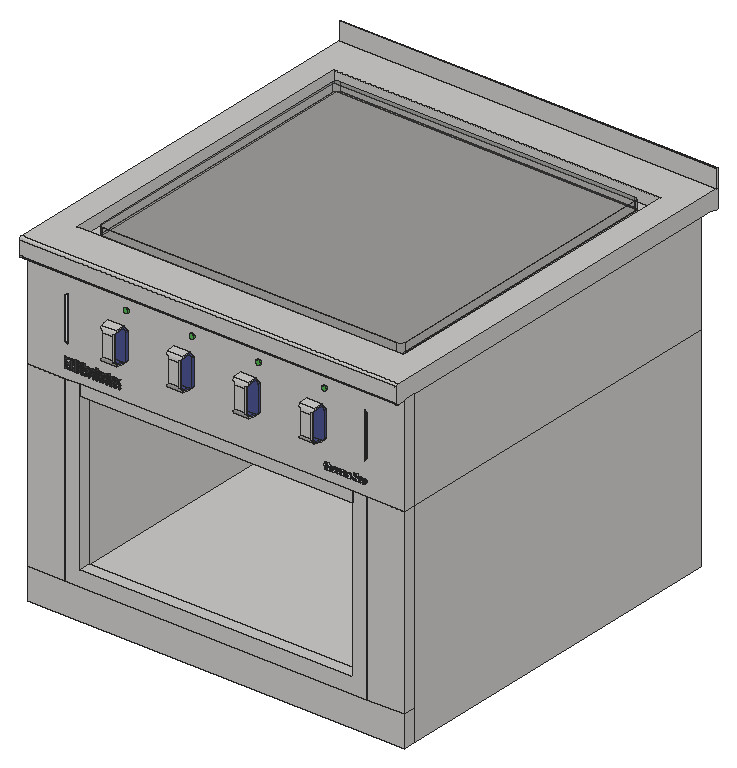
Revit family "QF_ELECTROLUXPROFESSIONAL_588678_MBTFGBHDAO", category Attrezzature speciali, Revit 2020
Family settings
  Quota connettore circolare = Usa diametro
  Tipo di parte = Normale
  Basato su piano di lavoro = No
  Sempre verticale = Sì
  Taglio con vuoti quando caricato = No
  Condiviso = No
  Punto di calcolo locali = No
Parameters (values of type "Standard")
  Weight = 145.00 kg
  Watts = 12000 W
  Volts = 400 V
  URL Manufacturer = "https://www.electroluxprofessional.com/"
  URL = "https://www.electroluxprofessional.com/"
  Steam Supply Size = 0"
  Steam Supply Minimum Pressure = 0.00 psi
  Steam Supply Maximum Pressure = 0.00 psi
  Steam Consumption per Hour = 0
  Refrigeration Suction Line Size = 0 mm
  Refrigeration Liquid Line Size = 0 mm
  Refrigerant Compressor Remote = yes
  Prospetto di default = 0 mm
  Phase = 3
  Modello = "MBTFGBHDAO"
  Produttore = "Electrolux Professional"
  Length Actual = 800 mm  # constant formula
  Item Number = "588678"
  Hot Water Size = 0"
  Height Actual = 700 mm  # constant formula
  HP = "16.1 HP"
  Gas Size = 0"
  Gas KW = 0
  Gas Input Pressure = 0.0 Btu/h
  Direct Waste Size = 0"
  Descrizione = "EL.FREE COOKING UNIT,1S,BS,800X850X700H"
  Depth Actual = 850 mm  # constant formula
  Cycle = 50 Hz
  Condensate Return Size = 0"
  Compressed Air Volume = 0 GPM
  Compressed Air Size = 0"
  Compressed Air Pressure = 0.00 psi
  Cold Water Size = 0"
  Accessory = yes
Reference planes
  plane 1 "BACK": y = 50
  plane 2: z = 0
  plane 3 "LEFT": x = 0
  plane 4 "RIGHT": x = 800
  plane 5 "FRONT": y = -800
  plane 6 "TOP": z = 900
  plane 7 "Center (Left/Right)": x = 400
  plane 8: y = -375
  plane 9: z = 200
  plane 10: y = -150
  plane 11 "Panel": y = -755
  plane 12: z = 798
  plane 13: z = 1327
  plane 14: x = 78
  plane 15: x = 722
  plane 16: y = -100
  plane 17: y = -600
  plane 18 "EIx": x = 755
  plane 19 "EIy": y = -585
Forms (mm)
  Extrusion 1, solid, material "QF_Finishes_Stainless Steel"
    sketch origin (-178.969, -4572, 200) x (-1, 0, 0) y (0, -1, 0)
      loop
        line (-178.969, -4577) -> (-178.969, -3817) -> (-978.969, -3817) -> (-978.969, -4577) -> (-178.969, -4577)
    from 450 to 662.969
  Extrusion 2, solid, material "QF_Finishes_Stainless Steel"
    sketch origin (-588.969, -4562, 200) x (-1, 0, 0) y (0, -1, 0)
      loop
        circle (-1343.969, -3977) r 6.35
    from 0 to -11.851
  Extrusion 3, solid, material "QF_Finishes_Stainless Steel"
    sketch origin (400, 296.4, 1219.2) x (0, 1, 0) y (0, 0, 1)
      loop
        line (-246.4, -319.2) -> (-1091.4, -319.2)
        arc (-1091.4, -319.2) -> (-1094.935, -320.664) -> (-1096.4, -324.2) r 5
        line (-1096.4, -324.2) -> (-1096.4, -355.2)
        arc (-1096.4, -355.2) -> (-1094.971, -358.264) -> (-1091.705, -359.139) r 4
        line (-1091.705, -359.139) -> (-1076.4, -356.231) -> (-266.4, -356.231) -> (-251.094, -359.139)
        arc (-251.094, -359.139) -> (-247.829, -358.264) -> (-246.4, -355.2) r 4
        line (-246.4, -355.2) -> (-246.4, -319.2)
    from -400 to 400
  Extrusion 4, solid, material "QF_Finishes_Electrolux_Black Smoke Iluminated"
    sketch origin (0, 0, 900) x (-1, 0, 0) y (0, -1, 0)
      loop
        arc (-88, 59) -> (-80.929, 61.929) -> (-78, 69) r 10
        line (-78, 69) -> (-78, 680)
        arc (-78, 680) -> (-80.929, 687.071) -> (-88, 690) r 10
        line (-88, 690) -> (-712, 690)
        arc (-712, 690) -> (-719.071, 687.071) -> (-722, 680) r 10
        line (-722, 680) -> (-722, 69)
        arc (-722, 69) -> (-719.071, 61.929) -> (-712, 59) r 10
        line (-712, 59) -> (-88, 59)
    from 0 to -20
  Extrusion 5, void
    sketch origin (0, 0, 900) x (-1, 0, 0) y (0, -1, 0)
      loop
        line (-53, 715) -> (-747, 715) -> (-747, 34) -> (-53, 34) -> (-53, 715)
    from 0 to -25
  Extrusion 6, solid, material "QF_Finishes_Stainless Steel"
    sketch origin (0, 0, 900) x (-1, 0, 0) y (0, -1, 0)
      loop
        line (-82, 63) -> (-82, 686) -> (-718, 686) -> (-718, 63) -> (-82, 63)
    from -20 to -25
  Extrusion 7, solid, material "QF_Finishes_Stainless Steel"
    sketch origin (400, 296.4, 1219.2) x (0, 1, 0) y (0, 0, 1)
      loop
        line (-249.4, -319.2) -> (-246.4, -319.2) -> (-246.4, -281.2) -> (-249.4, -281.2) -> (-249.4, -319.2)
    from -400 to 400
Cuts and joins
  Extrusion 5 cuts Extrusion 3
Lines and regions (mm)
  symbolic lines
    curve 1: line (0, 50, 200) -> (800, 50, 200)
    curve 2: line (0, -800, 200) -> (0, 50, 200)
    curve 3: line (800, -800, 200) -> (0, -800, 200)
    curve 4: line (800, 50, 200) -> (800, -800, 200)
    curve 5: line (712, -59, 200) -> (88, -59, 200)
    curve 6: line (78, -69, 200) -> (78, -680, 200)
    curve 7: line (88, -690, 200) -> (712, -690, 200)
    curve 8: line (722, -680, 200) -> (722, -69, 200)
    curve 9: arc (88, -59, 200) -> (80.929, -61.929, 200) -> (78, -69, 200) r 10
    curve 10: arc (722, -69, 200) -> (719.071, -61.929, 200) -> (712, -59, 200) r 10
    curve 11: arc (712, -690, 200) -> (719.071, -687.071, 200) -> (722, -680, 200) r 10
    curve 12: arc (78, -680, 200) -> (80.929, -687.071, 200) -> (88, -690, 200) r 10
    curve 13: line (747, -34, 900) -> (53, -34, 900)
    curve 14: line (53, -34, 900) -> (53, -715, 900)
    curve 15: line (747, -715, 900) -> (747, -34, 900)
    curve 16: line (53, -715, 900) -> (747, -715, 900)
    curve 17: line (0, 47, 0) -> (800, 47, 0)
Dimensions and locks
  plane 3 "LEFT" to plane 4 "RIGHT" = 800 mm
  plane 5 "FRONT" to plane 1 "BACK" = 850 mm
  equal spacing: plane 3 "LEFT", plane 7 "Center (Left/Right)", plane 4 "RIGHT"
  equal spacing: plane 5 "FRONT", plane 8, plane 1 "BACK"
  plane 6 "TOP" to level = 900 mm  (x2)
  plane 9 to level = 200 mm
  plane 1 "BACK" to plane 10 to plane 11 "Panel" = 200 mm, 605 mm  (x2)
  plane 6 "TOP" to plane 9 to level = 700 mm, 200 mm
  plane 1 "BACK" to plane 5 "FRONT" = 850 mm
  plane 1 "BACK" to Extrusion 2 = 635 mm
  plane 12 to plane 9 = 598 mm
  plane 13 to plane 6 "TOP" = 427 mm
  plane 6 "TOP" to plane 12 = 102 mm
  plane 14 to plane 3 "LEFT" = 78 mm
  plane 15 to plane 4 "RIGHT" = 78 mm
  locked: plane 1 "BACK" to plane 16 at 150
  locked: plane 16 to plane 17 at 500
  plane 11 "Panel" to plane 5 "FRONT" = 45 mm
  plane 18 "EIx" to plane 4 "RIGHT" = 45 mm
  plane 19 "EIy" to plane 1 "BACK" = 635 mm
  aligned and locked: level to plane 2
  aligned and locked: Extrusion 1 to nested 2
Automatic sketch dimensions
  Extrusion 2 sketch curve to plane 18 "EIx" = 0 mm
  Extrusion 2 sketch curve to plane 19 "EIy" = 0 mm
  Extrusion 3 sketch curve to plane 5 "FRONT" = 0 mm
  Extrusion 3 sketch curve to plane 6 "TOP" = 0 mm
  Extrusion 3 sketch curve to plane 1 "BACK" = 0 mm
  Extrusion 3 sketch curve to plane 5 "FRONT" = 4 mm
  Extrusion 3 sketch curve to Extrusion 3 sketch curve = 0.695 mm
  Extrusion 3 sketch curve to plane 5 "FRONT" = 5 mm
  Extrusion 3 sketch curve to Extrusion 3 sketch curve = 15.305 mm
  plane 1 "BACK" to Extrusion 3 sketch curve = 20 mm
  plane 1 "BACK" to Extrusion 3 sketch curve = 4.695 mm
  Extrusion 3 sketch curve to Extrusion 3 sketch curve = 4 mm
  Extrusion 3 sketch curve to Extrusion 3 sketch curve = 31 mm
  Extrusion 3 sketch curve to plane 6 "TOP" = 36 mm
  Extrusion 3 sketch curve to Extrusion 3 sketch curve = 2.909 mm
  Extrusion 4 sketch curve to plane 15 = 0 mm
  Extrusion 4 sketch curve to plane 14 = 0 mm
  plane 15 to Extrusion 4 sketch curve = 10 mm  (x2)
  Extrusion 4 sketch curve to Extrusion 4 sketch curve = 10 mm  (x2)
  plane 10 to Extrusion 4 sketch curve = 91 mm
  plane 17 to Extrusion 4 sketch curve = 80 mm
  plane 18 "EIx" to Extrusion 5 sketch curve = 8 mm
  plane 14 to Extrusion 5 sketch curve = 25 mm
  plane 10 to Extrusion 5 sketch curve = 116 mm
  plane 11 "Panel" to Extrusion 5 sketch curve = 40 mm
  Extrusion 6 sketch curve to plane 14 = 4 mm
  plane 15 to Extrusion 6 sketch curve = 4 mm
  plane 17 to Extrusion 6 sketch curve = 86 mm
  plane 10 to Extrusion 6 sketch curve = 87 mm
  plane 18 "EIx" to curve 13 = 8 mm
  plane 14 to curve 14 = 25 mm
  plane 10 to curve 13 = 116 mm
  plane 11 "Panel" to curve 16 = 40 mm
  Extrusion 7 sketch curve to plane 6 "TOP" = 0 mm
  Extrusion 7 sketch curve to plane 1 "BACK" = 0 mm
  Extrusion 7 sketch curve to Extrusion 7 sketch curve = 3 mm
  Extrusion 7 sketch curve to Extrusion 7 sketch curve = 38 mm
  Extrusion 1 sketch curve to plane 4 "RIGHT" = 0 mm
  Extrusion 1 sketch curve to plane 3 "LEFT" = 0 mm
  Extrusion 1 sketch curve to plane 11 "Panel" = 0 mm
  plane 1 "BACK" to Extrusion 1 sketch curve = 45 mm
  plane 1 "BACK" to curve 1 = 0 mm
  curve 1 to plane 4 "RIGHT" = 0 mm
  curve 8 to plane 15 = 0 mm
  curve 6 to plane 14 = 0 mm
  curve 2 to plane 3 "LEFT" = 0 mm
  plane 5 "FRONT" to curve 3 = 0 mm
  plane 15 to curve 5 = 10 mm
  curve 11 to curve 11 = 10 mm
  curve 5 to plane 14 = 10 mm
  curve 12 to curve 6 = 10 mm
  plane 10 to curve 5 = 91 mm
  plane 17 to curve 11 = 80 mm
  radius of Extrusion 2 sketch curve = 6.35 mm
Nested families
  nested 1: "Front_Panel_W800_4 Knobs_Spie" at (202.376, -755, 0), type "Front_Panel_W800_4 Knobs_Spie"
  nested 2: "QF_ELECTROLUXPROFESSIONAL_588643_MB1NCAHOOO" at (0, 50, 0), type "QF_ELECTROLUXPROFESSIONAL_588643_MB1NCAHOOO"
    with Type Mark "", Specification by User "", Revision Code "", Item Number "", Installed By "", Identify Quantity as Lot yes, Furnished By "", Foodservice Equipment Identifier yes
Connectors
  electrical at (755, -585, 188.149)
    settings: on Extrusion 2, index 1, voltage 400 V, apparent load 33000 VA, apparent load phase1 0 VA, apparent load phase2 0 VA, apparent load phase3 0 VA, power factor 1, load classification "Other", number of poles 1, system type 30, power factor state 1, is connector primary yes, connector utility no, sub classification motor no, connector description "ELECTRICAL CONNECTION"
Definition of nested family "Front_Panel_W800_4 Knobs_Spie"
  Parameters
    Default Elevation = 0 mm
  Reference planes
    plane 1 "Center (Front/Back)": y = 0
    plane 2: z = 0
    plane 3 "Center (Left/Right)": x = 197.624
    plane 4 "Left": x = -202.376
    plane 5 "Right": x = 597.624
    plane 6: y = -45
    plane 7: x = -12.376
    plane 8: x = 127.624
    plane 9 "Panel": y = -25
    plane 10: x = 517.624
    plane 11: x = -122.376
  Forms (mm)
    Extrusion 1, solid
      sketch origin (833.217, 829.203, -1.25) x (0, 1, 0) y (0, 0, 1)
        loop
          line (-854.203, 651.25) -> (-829.203, 651.25) -> (-829.203, 864.25) -> (-854.203, 864.25) -> (-854.203, 651.25)
      from -1035.593 to -235.593
    Extrusion 2, void
      sketch origin (0, -25, -10) x (0, 0, 1) y (-1, 0, 0)
        loop
          line (731.866, 122.376) -> (726.866, 117.376) -> (823.866, 117.376) -> (818.866, 122.376) -> (731.866, 122.376)
        loop
          line (731.866, -517.624) -> (818.866, -517.624) -> (823.866, -512.624) -> (726.866, -512.624) -> (731.866, -517.624)
      from 0 to -2
    Extrusion 3, solid
      sketch origin (20, -25, 1.163) x (0, 0, 1) y (-1, 0, 0)
        loop
          circle (824.337, 12.376) r 5
      from 0 to 1.7
    Extrusion 4, solid
      sketch origin (160, -25, 1.163) x (0, 0, 1) y (-1, 0, 0)
        loop
          circle (824.337, 12.376) r 5
      from 0 to 1.7
    Extrusion 5, solid
      sketch origin (300.724, -25, 1.163) x (0, 0, 1) y (-1, 0, 0)
        loop
          circle (824.337, 12.376) r 5
      from 0 to 1.7
    Extrusion 6, solid
      sketch origin (440.724, -25, 1.163) x (0, 0, 1) y (-1, 0, 0)
        loop
          circle (824.337, 12.376) r 5
      from 0 to 1.7
    Extrusion 7, solid
      sketch origin (0, -25, -10) x (0, 0, 1) y (-1, 0, 0)
        loop
          line (731.866, 122.376) -> (726.866, 117.376) -> (823.866, 117.376) -> (818.866, 122.376) -> (731.866, 122.376)
        loop
          line (726.866, -512.624) -> (731.866, -517.624) -> (818.866, -517.624) -> (823.866, -512.624) -> (726.866, -512.624)
      from 0 to -2
  Cuts and joins
    Extrusion 2 cuts Extrusion 1
  Dimensions and locks
    equal spacing: plane 5 "Right", plane 3 "Center (Left/Right)", plane 4 "Left"
    plane 5 "Right" to plane 4 "Left" = 800 mm
    plane 3 "Center (Left/Right)" to plane 7 = 210 mm
    plane 3 "Center (Left/Right)" to plane 8 = 70 mm
    aligned and locked: cut or joined group of Extrusion 1, Extrusion 2 to plane 4 "Left"
    aligned and locked: plane 5 "Right" to cut or joined group of Extrusion 1, Extrusion 2
  Automatic sketch dimensions
    Extrusion 1 sketch curve to plane 9 "Panel" = 0 mm
    Extrusion 1 sketch curve to plane 1 "Center (Front/Back)" = 0 mm
    Extrusion 2 sketch curve to plane 11 = 0 mm
    Extrusion 2 sketch curve to plane 10 = 0 mm
    Extrusion 2 sketch curve to plane 10 = 5 mm
    plane 11 to Extrusion 2 sketch curve = 5 mm
    Extrusion 2 sketch curve to Extrusion 2 sketch curve = 5 mm  (x4)
    plane 7 to Extrusion 3 sketch curve = 20 mm
    plane 8 to Extrusion 4 sketch curve = 20 mm
    plane 3 "Center (Left/Right)" to Extrusion 5 sketch curve = 90.724 mm
    Extrusion 6 sketch curve to plane 10 = 89.276 mm
    Extrusion 7 sketch curve to plane 11 = 0 mm
    Extrusion 7 sketch curve to plane 10 = 0 mm
    plane 11 to Extrusion 7 sketch curve = 5 mm
    Extrusion 7 sketch curve to Extrusion 7 sketch curve = 5 mm  (x4)
    Extrusion 7 sketch curve to plane 10 = 5 mm
    level to Extrusion 1 sketch curve = 650 mm
    Extrusion 1 sketch curve to Extrusion 1 sketch curve = 213 mm
    level to Extrusion 2 sketch curve = 716.866 mm
    Extrusion 2 sketch curve to Extrusion 2 sketch curve = 0 mm
    Extrusion 2 sketch curve to Extrusion 2 sketch curve = 87 mm  (x2)
    level to Extrusion 3 sketch curve = 825.5 mm
    level to Extrusion 4 sketch curve = 825.5 mm
    level to Extrusion 5 sketch curve = 825.5 mm
    level to Extrusion 6 sketch curve = 825.5 mm
    level to Extrusion 7 sketch curve = 716.866 mm
    Extrusion 7 sketch curve to Extrusion 7 sketch curve = 0 mm
    Extrusion 7 sketch curve to Extrusion 7 sketch curve = 87 mm  (x2)
    radius of Extrusion 3 sketch curve = 5 mm
    radius of Extrusion 4 sketch curve = 5 mm
    radius of Extrusion 5 sketch curve = 5 mm
    radius of Extrusion 6 sketch curve = 5 mm
  Nested families
    nested 1: "Range Control Handle" at (-12.376, -28.137, -209.113) x (-1, 0, 0) z (0, 0, 1), type "Range Control Handle"
    nested 2: "Range Control Handle" at (127.624, -28.137, -209.113) x (-1, 0, 0) z (0, 0, 1), type "Range Control Handle"
    nested 3: "Range Control Handle" at (407.624, -28.137, -209.113), type "Range Control Handle"
    nested 4: "Range Control Handle" at (267.624, -28.137, -209.113), type "Range Control Handle"
    nested 5: "ELX_ThermaLine_Small" at (468.838, -25, 679.426) x (1, 0, 0) z (0, -1, 0), type "ELX_ThermaLine_Small"
      with Show Logo yes, Material_Logo none
    nested 6: "ELX_Professional_Logo_Small" at (-62.89, -25, 681.659) x (1, 0, 0) z (0, -1, 0), type "ELX_Professional_Logo_Small"
      with Show Logo yes, Material_Logo none
  Definition of nested family "Range Control Handle"
    Parameters
      Default Elevation = 0 mm
    Reference planes
      plane 1 "Center (Front/Back)": y = 0
      plane 2: z = 0
      plane 3 "Center (Left/Right)": x = 0
      plane 4: z = 971.092
      plane 5: y = -16.9
    Forms (mm)
      Extrusion 1, solid
        sketch origin (-746.28, 380.497, 208.931) x (-1, 0, 0) y (0, 0, 1)
          loop
            line (-770.101, 786.798) -> (-770.101, 731.649)
            arc (-770.101, 731.649) -> (-769.759, 730.563) -> (-768.855, 729.87) r 1.893
            line (-768.855, 729.87) -> (-763.474, 727.911) -> (-729.81, 727.911) -> (-724.428, 729.87)
            arc (-724.428, 729.87) -> (-723.525, 730.563) -> (-723.183, 731.649) r 1.893
            line (-723.183, 731.649) -> (-723.183, 786.798)
            arc (-723.183, 786.798) -> (-723.529, 787.894) -> (-724.44, 788.593) r 1.91
            line (-724.44, 788.593) -> (-729.683, 790.819) -> (-763.601, 790.819) -> (-768.844, 788.593)
            arc (-768.844, 788.593) -> (-769.755, 787.894) -> (-770.101, 786.798) r 1.91
        from -382.35 to -378.852
      Sweep 2, solid
        path origin (-746.788, 380.496, 208.091) x (0, -1, 0) y (0, 0, 1)
          loop
            line (379.775, 793.281) -> (395.661, 791.048)
            arc (395.661, 791.048) -> (397.781, 787.377) -> (398.517, 783.202) r 12.207
            line (398.517, 783.202) -> (398.517, 737.368)
            arc (398.517, 737.368) -> (397.781, 733.193) -> (395.661, 729.522) r 12.207
            line (395.661, 729.522) -> (379.775, 727.289)
        profile origin (-746.788, -7.222, 1000.256) x (0, -0.139173, 0.990268) y (-1, 0, 0)
          loop
            line (0.782, -763.123) -> (0.782, -730.907) -> (-1.322, -730.907) -> (-1.322, -763.123) -> (0.782, -763.123)
      Sweep 3, solid
        path origin (-746.788, 380.715, 207.832) x (0, -1, 0) y (0, 0, 1)
          loop
            line (380.478, 795.442) -> (397.218, 793.09)
            arc (397.218, 793.09) -> (399.929, 788.473) -> (400.871, 783.202) r 15.207
            line (400.871, 783.202) -> (400.871, 737.584)
            arc (400.871, 737.584) -> (399.914, 732.274) -> (397.164, 727.633) r 15.207
            line (397.164, 727.633) -> (380.601, 725.305)
        profile origin (-746.788, -8.132, 1002.099) x (0, -0.139173, 0.990268) y (-1, 0, 0)
          loop
            line (0.782, -763.123) -> (0.782, -730.907) -> (-1.322, -730.907) -> (-1.322, -763.123) -> (0.782, -763.123)
      Extrusion 4, void
        sketch origin (889.253, 220.666, 207.993) x (1, 0, 0) y (0, 0, 1)
          loop
            line (-943.038, 816.854) -> (-943.038, 703.686) -> (-899.466, 734.196) -> (-899.466, 786.344) -> (-943.038, 816.854)
        from 230.636 to 242.25
      Extrusion 5, void
        sketch origin (-888.8, 220.666, 207.993) x (-1, 0, 0) y (0, 0, -1)
          loop
            line (-943.038, -816.854) -> (-899.466, -786.344) -> (-899.466, -734.196) -> (-943.038, -703.686) -> (-943.038, -816.854)
        from 230.636 to 242.25
      Extrusion 6, solid
        sketch origin (0, 0, 0) x (1, 0, 0) y (0, 0, 1)
          loop
            circle (0, 971.092) r 7.736
        from -3.137 to -1.645
    Cuts and joins
      Extrusion 4, Extrusion 5 cuts Sweep 3
      Extrusion 4, Extrusion 5 cuts Sweep 2
      joined: Extrusion 1, Extrusion 6
    Lines and regions (mm)
      symbolic lines
        curve 1: line (16.334, -16.9, 0) -> (16.334, -19.227, 0)
        curve 2: spline (16.334, -19.227, 0) -> (15.87, -19.385, 0) -> (15.404, -19.536, 0) -> (14.936, -19.678, 0) -> (14.466, -19.813, 0) -> (13.995, -19.94, 0) -> (13.523, -20.059, 0) -> (13.049, -20.171, 0) -> (12.575, -20.274, 0) -> (12.099, -20.37, 0) -> (11.622, -20.458, 0) -> (11.144, -20.537, 0) -> (10.666, -20.609, 0)
        curve 3: line (10.666, -16.9, 0) -> (10.666, -20.938, 0)
        curve 4: line (-10.213, -20.938, 0) -> (10.666, -20.938, 0)
        curve 5: line (-10.213, -20.938, 0) -> (-10.213, -16.9, 0)
        curve 6: spline (-10.213, -20.609, 0) -> (-10.691, -20.537, 0) -> (-11.169, -20.458, 0) -> (-11.646, -20.37, 0) -> (-12.122, -20.274, 0) -> (-12.597, -20.171, 0) -> (-13.07, -20.059, 0) -> (-13.542, -19.94, 0) -> (-14.013, -19.813, 0) -> (-14.483, -19.678, 0) -> (-14.951, -19.536, 0) -> (-15.417, -19.385, 0) -> (-15.881, -19.227, 0)
        curve 7: line (-15.881, -19.227, 0) -> (-15.881, -16.9, 0)
  Definition of nested family "ELX_ThermaLine_Small"
    Parameters
      Show Logo [instance] = yes
      Material_Logo [instance] = none
      Default Elevation = 0 mm
    Reference planes
      plane 1 "Centro (Fronte/Retro)": y = 0
      plane 2: z = 0
      plane 3 "Centro (Sinistra/Destra)": x = 0
    Forms (mm)
      Extrusion 1, solid
        sketch origin (0, 0, 0) x (1, 0, 0) y (0, 1, 0)
          loop
            line (-1219.2, 1219.2) -> (-1219.2, -1219.2) -> (1219.2, -1219.2) -> (1219.2, 1219.2) -> (-1219.2, 1219.2)
        from 0 to -304.8
      Extrusion 2, solid
        sketch origin (0, 0, 0) x (1, 0, 0) y (0, 1, 0)
          loop
            line (-37.494, 1.229) -> (-35.908, 1.229) -> (-35.908, 3.066) -> (-37.494, 3.066) -> (-37.494, 6.221) -> (-39.867, 4.881) -> (-39.867, 3.066) -> (-40.969, 3.066) -> (-40.969, 1.229) -> (-39.867, 1.229) -> (-39.867, -3.407)
            arc (-39.867, -3.407) -> (-38.982, -5.513) -> (-36.751, -6.001) r 2.478
            line (-36.751, -6.001) -> (-35.638, -5.7) -> (-35.9, -3.835) -> (-36.661, -4.039)
            arc (-36.661, -4.039) -> (-37.236, -3.924) -> (-37.494, -3.399) r 0.662
            line (-37.494, -3.399) -> (-37.494, 1.229)
          loop
            line (-34.242, 6.539) -> (-34.242, -5.848) -> (-31.854, -5.848) -> (-31.854, -0.078)
            arc (-31.854, -0.078) -> (-30.939, 1.249) -> (-29.33, 1.367) r 1.866
            arc (-29.33, 1.367) -> (-28.695, 0.768) -> (-28.461, -0.073) r 1.627
            line (-28.461, -0.073) -> (-28.461, -5.848) -> (-26.086, -5.848) -> (-26.064, -0.46)
            arc (-26.064, -0.46) -> (-26.261, 0.932) -> (-26.786, 2.237) r 5.825
            arc (-26.786, 2.237) -> (-29.381, 3.264) -> (-31.854, 1.971) r 3.353
            line (-31.854, 1.971) -> (-31.854, 6.539) -> (-34.242, 6.539)
          loop
            arc (-18.398, -0.598) -> (-18.893, 0.879) -> (-20.326, 1.487) r 1.897
            arc (-20.326, 1.487) -> (-21.461, 0.708) -> (-21.897, -0.598) r 2.164
            line (-21.897, -0.598) -> (-18.398, -0.598)
          loop
            arc (-16.021, -2.044) -> (-16.754, 1.227) -> (-19.444, 3.226) r 4.814
            arc (-19.444, 3.226) -> (-22.137, 2.788) -> (-23.943, 0.743) r 4.054
            arc (-23.943, 0.743) -> (-24.382, -1.249) -> (-24.162, -3.276) r 6.289
            arc (-24.162, -3.276) -> (-23.302, -4.71) -> (-21.958, -5.705) r 4.28
            arc (-21.958, -5.705) -> (-18.558, -5.814) -> (-16.152, -3.409) r 4.28
            line (-16.152, -3.409) -> (-18.5, -2.995)
            arc (-18.5, -2.995) -> (-19.273, -3.994) -> (-20.533, -4.076) r 1.536
            arc (-20.533, -4.076) -> (-21.56, -3.281) -> (-21.958, -2.044) r 2.197
            line (-21.958, -2.044) -> (-16.021, -2.044)
          loop
            line (-14.165, -5.848) -> (-11.819, -5.848) -> (-11.819, -2.138)
            arc (-11.819, -2.138) -> (-11.787, -1.156) -> (-11.637, -0.185) r 8.18
            arc (-11.637, -0.185) -> (-10.644, 0.972) -> (-9.132, 0.776) r 1.603
            line (-9.132, 0.776) -> (-8.419, 2.846)
            arc (-8.419, 2.846) -> (-10.432, 3.118) -> (-11.994, 1.821) r 2.527
            line (-11.994, 1.821) -> (-11.994, 3.094) -> (-14.165, 3.094) -> (-14.165, -5.848)
          loop
            line (-7.579, 3.094) -> (-7.579, -5.848) -> (-5.178, -5.848) -> (-5.178, -0.756)
            arc (-5.178, -0.756) -> (-4.727, 0.679) -> (-3.417, 1.419) r 2.05
            arc (-3.417, 1.419) -> (-2.499, 0.908) -> (-2.155, -0.085) r 1.471
            line (-2.155, -0.085) -> (-2.155, -5.848) -> (0.23, -5.848) -> (0.23, -1.001)
            arc (0.23, -1.001) -> (0.47, 0.127) -> (1.148, 1.061) r 2.775
            arc (1.148, 1.061) -> (2.225, 1.329) -> (3.05, 0.587) r 1.182
            arc (3.05, 0.587) -> (3.199, -0.019) -> (3.214, -0.642) r 2.894
            line (3.214, -0.642) -> (3.214, -5.848) -> (5.601, -5.848) -> (5.601, 0.261)
            arc (5.601, 0.261) -> (4.87, 2.263) -> (2.976, 3.241) r 2.932
            arc (2.976, 3.241) -> (1.284, 2.973) -> (-0.047, 1.896) r 3.309
            arc (-0.047, 1.896) -> (-1.116, 2.865) -> (-2.506, 3.258) r 3.16
            arc (-2.506, 3.258) -> (-4.105, 2.942) -> (-5.376, 1.92) r 3.419
            line (-5.376, 1.92) -> (-5.376, 3.094) -> (-7.579, 3.094)
          loop
            line (7.583, 0.738) -> (9.702, 0.364)
            arc (9.702, 0.364) -> (11.441, 1.492) -> (12.855, -0.023) r 1.613
            line (12.855, -0.023) -> (9.782, -0.789)
            arc (9.782, -0.789) -> (8.559, -1.346) -> (7.617, -2.305) r 3.687
            arc (7.617, -2.305) -> (7.499, -3.681) -> (7.901, -5.003) r 3.651
            arc (7.901, -5.003) -> (9.107, -5.766) -> (10.515, -6.006) r 3.635
            arc (10.515, -6.006) -> (11.898, -5.697) -> (13.067, -4.895) r 3.734
            line (13.067, -4.895) -> (13.376, -5.848) -> (15.75, -5.848) -> (15.212, -4.193) -> (15.212, 0.38)
            arc (15.212, 0.38) -> (14.897, 1.849) -> (13.818, 2.895) r 2.585
            arc (13.818, 2.895) -> (11.792, 3.442) -> (9.719, 3.11) r 5.005
            arc (9.719, 3.11) -> (8.369, 2.178) -> (7.583, 0.738) r 3.54
          loop
            line (19.723, -5.848) -> (22.233, -5.848) -> (24.854, 6.484) -> (22.345, 6.484) -> (19.723, -5.848)
          loop
            line (24.583, -5.848) -> (26.953, -5.848) -> (28.848, 3.066) -> (26.478, 3.066) -> (24.583, -5.848)
          loop
            line (27.204, 6.484) -> (26.741, 4.305) -> (29.111, 4.305) -> (29.575, 6.484) -> (27.204, 6.484)
          loop
            line (29.355, -5.848) -> (31.849, -5.848) -> (33.098, 0.028)
            arc (33.098, 0.028) -> (34.169, 1.306) -> (35.832, 1.422) r 2.132
            arc (35.832, 1.422) -> (36.324, 0.752) -> (36.383, -0.078) r 1.5
            line (36.383, -0.078) -> (35.157, -5.848) -> (37.536, -5.848) -> (38.936, 0.738)
            arc (38.936, 0.738) -> (38.775, 2.091) -> (37.825, 3.066) r 2.118
            arc (37.825, 3.066) -> (35.392, 3.175) -> (33.295, 1.937) r 4.271
            line (33.295, 1.937) -> (33.535, 3.066) -> (31.25, 3.066) -> (29.355, -5.848)
          loop
            line (42.792, -0.64) -> (46.589, -0.64)
            arc (46.589, -0.64) -> (46.639, 0.124) -> (46.327, 0.823) r 1.589
            arc (46.327, 0.823) -> (45.117, 1.521) -> (43.762, 1.183) r 1.865
            arc (43.762, 1.183) -> (43.141, 0.344) -> (42.792, -0.64) r 3.538
          loop
            line (42.565, -2.138) -> (48.593, -2.138)
            arc (48.593, -2.138) -> (48.58, 0.597) -> (46.983, 2.818) r 4.494
            arc (46.983, 2.818) -> (44.191, 3.28) -> (41.725, 1.891) r 4.26
            arc (41.725, 1.891) -> (40.503, -0.3) -> (40.284, -2.799) r 6.003
            arc (40.284, -2.799) -> (40.959, -4.468) -> (42.377, -5.576) r 3.482
            arc (42.377, -5.576) -> (44.265, -5.961) -> (46.152, -5.576) r 4.823
            arc (46.152, -5.576) -> (47.432, -4.731) -> (48.328, -3.485) r 4.245
            line (48.328, -3.485) -> (46.168, -3.105)
            arc (46.168, -3.105) -> (45.214, -4.072) -> (43.859, -4.181) r 1.953
            arc (43.859, -4.181) -> (42.821, -3.408) -> (42.565, -2.138) r 1.81
          loop
            line (12.868, -1.553) -> (10.216, -2.214)
            arc (10.216, -2.214) -> (9.747, -3.136) -> (10.216, -4.058) r 1.14
            arc (10.216, -4.058) -> (11.537, -4.249) -> (12.614, -3.46) r 1.763
            arc (12.614, -3.46) -> (12.858, -2.522) -> (12.868, -1.553) r 3.97
        from 0 to 1.6
    Dimensions and locks
      aligned and locked: plane 2 to Extrusion 1
      aligned and locked: level to Extrusion 1
  Definition of nested family "ELX_Professional_Logo_Small"
    Parameters
      Show Logo [instance] = yes
      Material_Logo [instance] = none
      Default Elevation = 0 mm
    Reference planes
      plane 1 "Centro (Fronte/Retro)": y = 0
      plane 2: z = 0
      plane 3 "Centro (Sinistra/Destra)": x = 0
    Forms (mm)
      Extrusion 1, solid
        sketch origin (0, 0, 0) x (1, 0, 0) y (0, 1, 0)
          loop
            line (-1219.2, 1219.2) -> (-1219.2, -1219.2) -> (1219.2, -1219.2) -> (1219.2, 1219.2) -> (-1219.2, 1219.2)
        from 0 to -304.8
      Extrusion 2, solid, material <- "Material_Logo"
        sketch origin (15.5, 0, 0) x (1, 0, 0) y (0, 1, 0)
          loop
            spline (-42.99, -1.24) -> (-43.195, -1.231) -> (-43.415, -1.203) -> (-43.642, -1.152) -> (-43.87, -1.074) -> (-44.095, -0.966) -> (-44.309, -0.825) -> (-44.506, -0.647) -> (-44.681, -0.429) -> (-44.828, -0.167) -> (-44.94, 0.142) -> (-45.011, 0.501) -> (-45.037, 0.915)
            line (-45.037, 0.915) -> (-45.037, 2.748) -> (-38.984, 2.748) -> (-38.984, 5.086) -> (-45.038, 5.086) -> (-45.038, 8.489) -> (-38.599, 8.489) -> (-38.599, 10.82) -> (-47.515, 10.82) -> (-47.515, 1.021)
            spline (-47.515, 1.021) -> (-47.493, 0.418) -> (-47.425, -0.15) -> (-47.311, -0.682) -> (-47.15, -1.175) -> (-46.939, -1.628) -> (-46.678, -2.038) -> (-46.365, -2.404) -> (-46, -2.723) -> (-45.58, -2.995) -> (-45.105, -3.216) -> (-44.573, -3.385) -> (-43.983, -3.499)
            line (-43.983, -3.499) -> (-43.01, -3.569) -> (-38.426, -3.569) -> (-38.426, -1.24) -> (-42.99, -1.24)
          loop
            line (-36.666, 4.021) -> (-36.666, -3.573) -> (-34.188, -3.573) -> (-34.188, 10.824) -> (-36.666, 10.824) -> (-36.666, 4.021)
          loop
            spline (-21.915, 1.897) -> (-21.957, 2.615) -> (-22.082, 3.303) -> (-22.285, 3.955) -> (-22.563, 4.564) -> (-22.913, 5.124) -> (-23.331, 5.629) -> (-23.814, 6.074) -> (-24.359, 6.451) -> (-24.961, 6.755) -> (-25.618, 6.98) -> (-26.326, 7.119) -> (-27.081, 7.167)
            spline (-27.081, 7.167) -> (-27.853, 7.122) -> (-28.586, 6.99) -> (-29.275, 6.774) -> (-29.915, 6.478) -> (-30.5, 6.104) -> (-31.024, 5.657) -> (-31.483, 5.138) -> (-31.871, 4.553) -> (-32.182, 3.904) -> (-32.411, 3.194) -> (-32.552, 2.427) -> (-32.6, 1.606)
            spline (-32.6, 1.606) -> (-32.553, 0.805) -> (-32.416, 0.057) -> (-32.193, -0.637) -> (-31.887, -1.271) -> (-31.504, -1.843) -> (-31.048, -2.35) -> (-30.523, -2.788) -> (-29.934, -3.154) -> (-29.284, -3.444) -> (-28.579, -3.656) -> (-27.822, -3.785) -> (-27.019, -3.829)
            spline (-27.019, -3.829) -> (-26.627, -3.82) -> (-26.239, -3.79) -> (-25.856, -3.739) -> (-25.477, -3.663) -> (-25.103, -3.562) -> (-24.734, -3.432) -> (-24.369, -3.273) -> (-24.01, -3.082) -> (-23.655, -2.858) -> (-23.305, -2.597) -> (-22.96, -2.299) -> (-22.621, -1.962)
            line (-22.621, -1.962) -> (-24.114, -0.509)
            spline (-24.114, -0.509) -> (-24.311, -0.699) -> (-24.509, -0.872) -> (-24.71, -1.03) -> (-24.915, -1.172) -> (-25.126, -1.297) -> (-25.346, -1.407) -> (-25.576, -1.5) -> (-25.817, -1.576) -> (-26.072, -1.636) -> (-26.342, -1.678) -> (-26.629, -1.704) -> (-26.936, -1.713)
            spline (-26.936, -1.713) -> (-27.384, -1.691) -> (-27.805, -1.625) -> (-28.196, -1.518) -> (-28.556, -1.372) -> (-28.882, -1.187) -> (-29.174, -0.966) -> (-29.429, -0.71) -> (-29.645, -0.422) -> (-29.821, -0.102) -> (-29.955, 0.247) -> (-30.045, 0.623) -> (-30.089, 1.026)
            line (-30.089, 1.026) -> (-21.956, 1.026) -> (-21.915, 1.897)
          loop
            spline (-24.446, 2.769) -> (-24.47, 3.075) -> (-24.54, 3.37) -> (-24.654, 3.65) -> (-24.807, 3.913) -> (-24.996, 4.156) -> (-25.219, 4.376) -> (-25.472, 4.57) -> (-25.753, 4.736) -> (-26.057, 4.869) -> (-26.382, 4.968) -> (-26.724, 5.03) -> (-27.081, 5.051)
            spline (-27.081, 5.051) -> (-27.464, 5.03) -> (-27.832, 4.97) -> (-28.183, 4.872) -> (-28.513, 4.74) -> (-28.819, 4.577) -> (-29.099, 4.384) -> (-29.347, 4.165) -> (-29.563, 3.923) -> (-29.742, 3.659) -> (-29.881, 3.377) -> (-29.977, 3.079) -> (-30.027, 2.769)
            line (-30.027, 2.769) -> (-24.446, 2.769)
          loop
            spline (-18.167, 1.669) -> (-18.138, 2.13) -> (-18.055, 2.567) -> (-17.921, 2.978) -> (-17.739, 3.358) -> (-17.512, 3.705) -> (-17.243, 4.016) -> (-16.937, 4.287) -> (-16.596, 4.517) -> (-16.223, 4.7) -> (-15.823, 4.835) -> (-15.398, 4.919) -> (-14.951, 4.947)
            spline (-14.951, 4.947) -> (-14.677, 4.938) -> (-14.414, 4.913) -> (-14.162, 4.871) -> (-13.921, 4.812) -> (-13.69, 4.738) -> (-13.467, 4.649) -> (-13.254, 4.544) -> (-13.048, 4.424) -> (-12.85, 4.291) -> (-12.659, 4.143) -> (-12.474, 3.981) -> (-12.295, 3.806)
            line (-12.295, 3.806) -> (-10.76, 5.403)
            spline (-10.76, 5.403) -> (-11.065, 5.709) -> (-11.38, 5.984) -> (-11.703, 6.228) -> (-12.035, 6.443) -> (-12.375, 6.63) -> (-12.723, 6.788) -> (-13.078, 6.92) -> (-13.44, 7.026) -> (-13.809, 7.107) -> (-14.184, 7.164) -> (-14.564, 7.198) -> (-14.951, 7.209)
            spline (-14.951, 7.209) -> (-15.725, 7.161) -> (-16.467, 7.02) -> (-17.169, 6.792) -> (-17.826, 6.482) -> (-18.43, 6.096) -> (-18.976, 5.637) -> (-19.455, 5.112) -> (-19.862, 4.525) -> (-20.19, 3.882) -> (-20.433, 3.189) -> (-20.584, 2.449) -> (-20.635, 1.669)
            spline (-20.635, 1.669) -> (-20.584, 0.889) -> (-20.433, 0.149) -> (-20.19, -0.545) -> (-19.862, -1.187) -> (-19.455, -1.774) -> (-18.976, -2.299) -> (-18.43, -2.758) -> (-17.826, -3.145) -> (-17.169, -3.454) -> (-16.467, -3.682) -> (-15.725, -3.823) -> (-14.951, -3.871)
            spline (-14.951, -3.871) -> (-14.564, -3.86) -> (-14.184, -3.826) -> (-13.809, -3.77) -> (-13.44, -3.689) -> (-13.078, -3.583) -> (-12.723, -3.451) -> (-12.375, -3.292) -> (-12.035, -3.105) -> (-11.703, -2.89) -> (-11.38, -2.646) -> (-11.065, -2.371) -> (-10.76, -2.066)
            line (-10.76, -2.066) -> (-12.295, -0.468)
            spline (-12.295, -0.468) -> (-12.474, -0.643) -> (-12.659, -0.805) -> (-12.85, -0.953) -> (-13.048, -1.087) -> (-13.254, -1.206) -> (-13.467, -1.311) -> (-13.69, -1.4) -> (-13.921, -1.475) -> (-14.162, -1.533) -> (-14.414, -1.575) -> (-14.677, -1.6) -> (-14.951, -1.609)
            spline (-14.951, -1.609) -> (-15.398, -1.581) -> (-15.823, -1.497) -> (-16.223, -1.362) -> (-16.596, -1.179) -> (-16.937, -0.95) -> (-17.243, -0.678) -> (-17.512, -0.367) -> (-17.739, -0.02) -> (-17.921, 0.36) -> (-18.055, 0.771) -> (-18.138, 1.208) -> (-18.167, 1.669)
          loop
            spline (-4.441, -1.243) -> (-4.659, -1.247) -> (-4.894, -1.23) -> (-5.137, -1.19) -> (-5.384, -1.121) -> (-5.628, -1.021) -> (-5.864, -0.884) -> (-6.084, -0.708) -> (-6.283, -0.488) -> (-6.454, -0.219) -> (-6.592, 0.101) -> (-6.69, 0.478) -> (-6.742, 0.914)
            line (-6.742, 0.914) -> (-6.742, 4.587) -> (-4.487, 4.587) -> (-4.487, 6.838) -> (-6.738, 6.838) -> (-6.738, 10.824) -> (-9.217, 10.824) -> (-9.217, 0.773)
            spline (-9.217, 0.773) -> (-9.164, 0.19) -> (-9.068, -0.358) -> (-8.928, -0.87) -> (-8.742, -1.343) -> (-8.511, -1.777) -> (-8.232, -2.168) -> (-7.904, -2.515) -> (-7.527, -2.816) -> (-7.098, -3.069) -> (-6.618, -3.273) -> (-6.084, -3.426) -> (-5.496, -3.525)
            line (-5.496, -3.525) -> (-4.45, -3.573) -> (-4.441, -1.243)
          loop
            spline (3.898, 6.983) -> (3.469, 7.009) -> (3.056, 7.001) -> (2.661, 6.961) -> (2.283, 6.888) -> (1.925, 6.785) -> (1.588, 6.652) -> (1.272, 6.49) -> (0.979, 6.301) -> (0.71, 6.085) -> (0.465, 5.844) -> (0.247, 5.578) -> (0.056, 5.289)
            line (0.056, 5.289) -> (0.056, 6.838) -> (-2.402, 6.838) -> (-2.402, -3.572) -> (0.056, -3.572) -> (0.056, 1.901)
            spline (0.056, 1.901) -> (0.079, 2.316) -> (0.145, 2.703) -> (0.254, 3.06) -> (0.404, 3.386) -> (0.592, 3.679) -> (0.818, 3.938) -> (1.08, 4.162) -> (1.375, 4.348) -> (1.703, 4.495) -> (2.062, 4.602) -> (2.45, 4.668) -> (2.865, 4.69)
            line (2.865, 4.69) -> (3.898, 4.586) -> (3.898, 6.983)
          loop
            spline (15.638, 1.633) -> (15.586, 2.396) -> (15.435, 3.124) -> (15.192, 3.81) -> (14.863, 4.449) -> (14.455, 5.034) -> (13.975, 5.56) -> (13.43, 6.021) -> (12.826, 6.411) -> (12.17, 6.724) -> (11.469, 6.955) -> (10.729, 7.098) -> (9.958, 7.147)
            spline (9.958, 7.147) -> (9.182, 7.098) -> (8.44, 6.955) -> (7.737, 6.724) -> (7.081, 6.411) -> (6.477, 6.021) -> (5.933, 5.56) -> (5.454, 5.034) -> (5.048, 4.449) -> (4.721, 3.81) -> (4.479, 3.124) -> (4.329, 2.396) -> (4.277, 1.633)
            spline (4.277, 1.633) -> (4.329, 0.869) -> (4.479, 0.141) -> (4.721, -0.544) -> (5.048, -1.183) -> (5.454, -1.768) -> (5.933, -2.294) -> (6.477, -2.755) -> (7.081, -3.145) -> (7.737, -3.459) -> (8.44, -3.69) -> (9.182, -3.833) -> (9.958, -3.882)
            spline (9.958, -3.882) -> (10.729, -3.833) -> (11.469, -3.69) -> (12.17, -3.459) -> (12.826, -3.145) -> (13.43, -2.755) -> (13.975, -2.294) -> (14.455, -1.768) -> (14.863, -1.183) -> (15.192, -0.544) -> (15.435, 0.141) -> (15.586, 0.869) -> (15.638, 1.633)
          loop
            spline (13.18, 1.633) -> (13.151, 2.083) -> (13.067, 2.513) -> (12.932, 2.918) -> (12.748, 3.296) -> (12.52, 3.642) -> (12.251, 3.954) -> (11.943, 4.227) -> (11.601, 4.459) -> (11.228, 4.645) -> (10.828, 4.782) -> (10.403, 4.867) -> (9.958, 4.896)
            spline (9.958, 4.896) -> (9.509, 4.867) -> (9.081, 4.782) -> (8.679, 4.645) -> (8.306, 4.459) -> (7.964, 4.227) -> (7.658, 3.954) -> (7.39, 3.642) -> (7.163, 3.296) -> (6.981, 2.918) -> (6.847, 2.513) -> (6.765, 2.083) -> (6.736, 1.633)
            spline (6.736, 1.633) -> (6.765, 1.182) -> (6.847, 0.753) -> (6.981, 0.347) -> (7.163, -0.031) -> (7.39, -0.377) -> (7.658, -0.689) -> (7.964, -0.962) -> (8.306, -1.193) -> (8.679, -1.38) -> (9.081, -1.517) -> (9.509, -1.602) -> (9.958, -1.631)
            spline (9.958, -1.631) -> (10.403, -1.602) -> (10.828, -1.517) -> (11.228, -1.38) -> (11.601, -1.193) -> (11.943, -0.962) -> (12.251, -0.689) -> (12.52, -0.377) -> (12.748, -0.031) -> (12.932, 0.347) -> (13.067, 0.753) -> (13.151, 1.182) -> (13.18, 1.633)
          loop
            line (17.162, 4.269) -> (17.162, -3.573) -> (19.642, -3.573) -> (19.642, 10.824) -> (17.162, 10.824) -> (17.162, 4.269)
          loop
            line (28.581, 6.838) -> (28.581, 0.786)
            spline (28.581, 0.786) -> (28.561, 0.393) -> (28.503, 0.038) -> (28.409, -0.279) -> (28.281, -0.559) -> (28.122, -0.802) -> (27.933, -1.011) -> (27.717, -1.185) -> (27.476, -1.325) -> (27.213, -1.433) -> (26.929, -1.509) -> (26.626, -1.554) -> (26.308, -1.569)
            spline (26.308, -1.569) -> (25.99, -1.554) -> (25.688, -1.509) -> (25.404, -1.434) -> (25.141, -1.326) -> (24.9, -1.187) -> (24.684, -1.014) -> (24.496, -0.807) -> (24.336, -0.565) -> (24.209, -0.288) -> (24.115, 0.026) -> (24.057, 0.376) -> (24.037, 0.765)
            line (24.037, 0.765) -> (24.037, 6.838) -> (21.537, 6.838) -> (21.537, 0.558)
            spline (21.537, 0.558) -> (21.581, -0.153) -> (21.71, -0.8) -> (21.916, -1.384) -> (22.195, -1.904) -> (22.54, -2.362) -> (22.944, -2.757) -> (23.403, -3.09) -> (23.909, -3.362) -> (24.456, -3.572) -> (25.04, -3.722) -> (25.652, -3.811) -> (26.288, -3.841)
            spline (26.288, -3.841) -> (26.929, -3.811) -> (27.547, -3.72) -> (28.135, -3.568) -> (28.687, -3.355) -> (29.197, -3.079) -> (29.66, -2.741) -> (30.068, -2.341) -> (30.415, -1.877) -> (30.696, -1.349) -> (30.905, -0.757) -> (31.034, -0.101) -> (31.079, 0.621)
            line (31.079, 0.621) -> (31.079, 6.838) -> (28.581, 6.838)
          loop
            line (40.457, -0.243) -> (38.894, 1.942) -> (40.83, 4.579) -> (42.488, 6.837) -> (39.782, 6.837) -> (37.53, 3.719) -> (35.258, 6.837) -> (32.573, 6.837) -> (34.113, 4.731) -> (36.167, 1.922) -> (34.014, -1.076) -> (32.222, -3.573) -> (34.887, -3.573) -> (37.53, 0.104) -> (40.174, -3.573) -> (42.839, -3.573) -> (40.457, -0.243)
          loop
            line (-46.121, -5.837) -> (-48.039, -5.837) -> (-48.039, -10.814) -> (-47.016, -10.814) -> (-47.016, -9.128) -> (-46.121, -9.128)
            arc (-46.121, -9.128) -> (-44.476, -7.482) -> (-46.121, -5.837) r 1.645
          loop
            line (-46.163, -6.778) -> (-47.016, -6.778) -> (-47.016, -8.187) -> (-46.163, -8.187)
            arc (-46.163, -8.187) -> (-45.458, -7.482) -> (-46.163, -6.778) r 0.704
          loop
            line (-38.313, -5.837) -> (-40.265, -5.837) -> (-40.265, -10.814) -> (-39.241, -10.814) -> (-39.241, -9.1) -> (-38.46, -9.182) -> (-37.48, -10.814) -> (-36.318, -10.814) -> (-37.513, -8.848)
            arc (-37.513, -8.848) -> (-36.888, -8.266) -> (-36.671, -7.441) r 1.536
            arc (-36.671, -7.441) -> (-37.165, -6.305) -> (-38.313, -5.837) r 1.643
          loop
            arc (-38.402, -8.166) -> (-37.707, -7.505) -> (-38.334, -6.778) r 0.696
            line (-38.334, -6.778) -> (-39.241, -6.778) -> (-39.241, -8.166) -> (-38.402, -8.166)
          loop
            circle (-29.965, -8.325) r 2.585
          loop
            circle (-29.965, -8.325) r 1.64
          loop
            line (-23.1, -5.837) -> (-23.1, -10.814) -> (-22.076, -10.814) -> (-22.076, -8.768) -> (-20.204, -8.768) -> (-20.204, -7.828) -> (-22.076, -7.828) -> (-22.076, -6.778) -> (-20.024, -6.778) -> (-20.024, -5.837) -> (-23.1, -5.837)
          loop
            line (-15.802, -5.837) -> (-15.802, -9.2)
            arc (-15.802, -9.2) -> (-15.343, -10.34) -> (-14.209, -10.814) r 1.593
            line (-14.209, -10.814) -> (-12.602, -10.814) -> (-12.602, -10.027) -> (-14.004, -10.027)
            arc (-14.004, -10.027) -> (-14.552, -9.8) -> (-14.779, -9.252) r 0.775
            line (-14.779, -9.252) -> (-14.779, -8.424) -> (-12.789, -8.424) -> (-12.789, -7.642) -> (-14.779, -7.642) -> (-14.779, -6.778) -> (-12.651, -6.778) -> (-12.651, -5.837) -> (-15.802, -5.837)
          loop
            line (-5.909, -7.143) -> (-5.173, -6.638)
            arc (-5.173, -6.638) -> (-5.855, -5.974) -> (-6.781, -5.755) r 1.782
            arc (-6.781, -5.755) -> (-7.397, -5.878) -> (-7.944, -6.189) r 1.974
            arc (-7.944, -6.189) -> (-8.202, -6.5) -> (-8.317, -6.888) r 1.013
            arc (-8.317, -6.888) -> (-8.306, -7.341) -> (-8.192, -7.78) r 1.985
            arc (-8.192, -7.78) -> (-7.749, -8.259) -> (-7.171, -8.563) r 1.928
            arc (-7.171, -8.563) -> (-6.637, -8.779) -> (-6.131, -9.056) r 5.041
            arc (-6.131, -9.056) -> (-5.934, -9.387) -> (-6.09, -9.74) r 0.42
            arc (-6.09, -9.74) -> (-6.631, -9.96) -> (-7.204, -9.845) r 1.016
            arc (-7.204, -9.845) -> (-7.625, -9.603) -> (-7.889, -9.196) r 1.033
            line (-7.889, -9.196) -> (-8.67, -9.686)
            arc (-8.67, -9.686) -> (-8.361, -10.198) -> (-7.908, -10.589) r 1.914
            arc (-7.908, -10.589) -> (-7.334, -10.834) -> (-6.714, -10.896) r 2.063
            arc (-6.714, -10.896) -> (-5.947, -10.743) -> (-5.256, -10.376) r 2.696
            arc (-5.256, -10.376) -> (-4.95, -9.565) -> (-5.108, -8.712) r 1.618
            arc (-5.108, -8.712) -> (-5.448, -8.319) -> (-5.884, -8.035) r 1.876
            arc (-5.884, -8.035) -> (-6.434, -7.789) -> (-6.999, -7.577) r 9.883
            arc (-6.999, -7.577) -> (-7.325, -7.07) -> (-6.854, -6.694) r 0.45
            arc (-6.854, -6.694) -> (-6.329, -6.809) -> (-5.909, -7.143) r 1.197
          loop
            line (1.61, -7.143) -> (2.345, -6.638)
            arc (2.345, -6.638) -> (1.663, -5.974) -> (0.737, -5.755) r 1.782
            arc (0.737, -5.755) -> (0.121, -5.878) -> (-0.425, -6.189) r 1.974
            arc (-0.425, -6.189) -> (-0.683, -6.5) -> (-0.799, -6.888) r 1.013
            arc (-0.799, -6.888) -> (-0.788, -7.341) -> (-0.674, -7.78) r 1.985
            arc (-0.674, -7.78) -> (-0.231, -8.259) -> (0.347, -8.563) r 1.928
            arc (0.347, -8.563) -> (0.881, -8.779) -> (1.387, -9.056) r 5.041
            arc (1.387, -9.056) -> (1.584, -9.387) -> (1.428, -9.74) r 0.42
            arc (1.428, -9.74) -> (0.887, -9.96) -> (0.314, -9.845) r 1.016
            arc (0.314, -9.845) -> (-0.107, -9.603) -> (-0.371, -9.196) r 1.033
            line (-0.371, -9.196) -> (-1.152, -9.686)
            arc (-1.152, -9.686) -> (-0.842, -10.198) -> (-0.39, -10.589) r 1.914
            arc (-0.39, -10.589) -> (0.184, -10.834) -> (0.804, -10.896) r 2.063
            arc (0.804, -10.896) -> (1.572, -10.743) -> (2.263, -10.376) r 2.696
            arc (2.263, -10.376) -> (2.568, -9.565) -> (2.411, -8.712) r 1.618
            arc (2.411, -8.712) -> (2.07, -8.319) -> (1.635, -8.035) r 1.876
            arc (1.635, -8.035) -> (1.084, -7.789) -> (0.519, -7.577) r 9.883
            arc (0.519, -7.577) -> (0.193, -7.07) -> (0.665, -6.694) r 0.45
            arc (0.665, -6.694) -> (1.189, -6.809) -> (1.61, -7.143) r 1.197
          loop
            line (6.801, -5.837) -> (6.801, -10.814) -> (7.825, -10.814) -> (7.825, -5.837) -> (6.801, -5.837)
          loop
            circle (14.724, -8.325) r 1.548
          loop
            circle (14.724, -8.325) r 2.585
          loop
            line (21.59, -10.814) -> (22.623, -10.814) -> (22.623, -7.685) -> (24.9, -10.814) -> (25.895, -10.814) -> (25.895, -5.837) -> (24.861, -5.837) -> (24.861, -9.061) -> (22.585, -5.837) -> (21.59, -5.837) -> (21.59, -10.814)
          loop
            line (31.054, -10.814) -> (31.539, -9.74) -> (33.38, -9.74) -> (33.865, -10.814) -> (34.965, -10.814) -> (32.46, -5.837) -> (29.956, -10.814) -> (31.054, -10.814)
          loop
            line (32.46, -7.698) -> (31.999, -8.719) -> (32.921, -8.719) -> (32.46, -7.698)
          loop
            line (40.047, -9.873) -> (40.047, -5.837) -> (39.024, -5.837) -> (39.024, -10.814) -> (41.961, -10.814) -> (41.961, -9.873) -> (40.047, -9.873)
          loop
            line (-74.986, -10.814) -> (-53.322, -10.814) -> (-53.322, 10.82) -> (-74.986, 10.82) -> (-74.986, -10.814)
          loop
            line (-61.261, 9.758) -> (-61.261, -9.707)
            arc (-61.261, -9.707) -> (-54.066, 0.025) -> (-61.261, 9.758) r 10.18
          loop
            line (-62.251, 8.349) -> (-62.251, 9.758)
            arc (-62.251, 9.758) -> (-70.347, 7.918) -> (-74.247, 0.59) r 9.976
            line (-74.247, 0.59) -> (-71.026, 0.59)
            arc (-71.026, 0.59) -> (-65.274, 2.925) -> (-62.251, 8.349) r 9.351
          loop
            arc (-74.247, -0.539) -> (-70.353, -7.928) -> (-62.251, -9.957) r 10.237
            line (-62.251, -9.957) -> (-62.251, -8.298)
            arc (-62.251, -8.298) -> (-65.274, -2.874) -> (-71.026, -0.539) r 9.351
            line (-71.026, -0.539) -> (-74.247, -0.539)
        from 0 to 1.644
    Dimensions and locks
      aligned and locked: plane 2 to Extrusion 1
      aligned and locked: level to Extrusion 1
Definition of nested family "QF_ELECTROLUXPROFESSIONAL_588643_MB1NCAHOOO"
  Parameters
    Weight in Pounds = 143.3
    URL Cutsheet = ""
    Type Mark [instance] = ""
    Specification by User [instance] = ""
    Specification by Manufacturer = ""
    Serial Number = ""
    Seismic Rating = ""
    SMACNA No = ""
    Revision Code [instance] = ""
    Default Elevation = 0 mm
    Omniclass Number and Title = ""
    NAFEM Spec ID Number = ""
    Model = "588643"
    Masterspec = ""
    Manufacturer = "Electrolux Professional"
    Item Number [instance] = ""
    Installed By [instance] = ""
    Identify Quantity as Lot [instance] = yes
    Furnished By [instance] = ""
    Foodservice Equipment Identifier [instance] = yes
    Description = ""
    CSI MasterFormat = ""
    CSI Master Format = ""
  Reference planes
    plane 1 "BACK": y = 0
    plane 2: z = 0
    plane 3 "LEFT": x = 0
    plane 4 "RIGHT": x = 800
    plane 5 "FRONT": y = -850
    plane 6 "PLAIN": z = 900
    plane 7 "Center (Left/Right)": x = 400
    plane 8 "Center (Front/Back)": y = -425
    plane 9 "TOP": z = 650
    plane 10 "BASE": z = 200
    plane 11: x = 722
    plane 12: x = 78
    plane 13 "Feet_back": y = -150
    plane 14 "Feet_Front": y = -720
    plane 15: x = 80
    plane 16: x = 720
    plane 17: z = 265
    plane 18: y = -45
    plane 19: y = -805
    plane 20: y = -70
    plane 21: y = -830
    plane 22 "ButtonZ": z = 590
  Forms (mm)
    Extrusion 1, solid
      sketch origin (0, 0, 650) x (0, 1, 0) y (0, 0, 1)
        loop
          line (-45, -450) -> (-45, 0) -> (-805, 0) -> (-805, -450) -> (-45, -450)
      from 0 to 800
    Extrusion 2, solid
      sketch origin (0, 0, 650) x (0, 1, 0) y (0, 0, 1)
        loop
          line (-830, -450) -> (-805, -450) -> (-805, -385) -> (-830, -385) -> (-830, -450)
      from 0 to 800
    Extrusion 3, void
      sketch origin (0, -850, 0) x (1, 0, 0) y (0, 0, 1)
        loop
          line (80, 650) -> (80, 265) -> (720, 265) -> (720, 650) -> (80, 650)
      from 0 to -780
    Extrusion 4, solid
      sketch origin (0, -850, 0) x (1, 0, 0) y (0, 0, 1)
        loop
          line (110, 650) -> (110, 627) -> (690, 627) -> (690, 650) -> (110, 650)
      from -20 to -805
    Extrusion 5, solid
      sketch origin (0, -850, 0) x (1, 0, 0) y (0, 0, 1)
        loop
          line (80, 650) -> (80, 265) -> (720, 265) -> (720, 650) -> (690, 650) -> (690, 295) -> (110, 295) -> (110, 650) -> (80, 650)
      from -45 to -780
    Extrusion 6, solid
      sketch origin (0, -850, 0) x (1, 0, 0) y (0, 0, 1)
        loop
          line (0, 650) -> (0, 265) -> (80, 265) -> (80, 650) -> (0, 650)
      from -20 to -45
    Extrusion 7, solid
      sketch origin (0, -850, 0) x (1, 0, 0) y (0, 0, 1)
        loop
          line (720, 650) -> (720, 265) -> (800, 265) -> (800, 650) -> (720, 650)
      from -20 to -45
    Extrusion 8, solid
      sketch origin (85, -850, 0) x (1, 0, 0) y (0, 0, 1)
        loop
          line (-5, 650) -> (-5, 265) -> (635, 265) -> (635, 650) -> (605, 650) -> (605, 297) -> (25, 297) -> (25, 650) -> (-5, 650)
      from -20 to -45
  Cuts and joins
    Extrusion 3 cuts Extrusion 1
    joined: Extrusion 1, Extrusion 4, Extrusion 5
  Lines and regions (mm)
    symbolic lines
      curve 1: line (0, 0, 0) -> (800, 0, 0)
      curve 2: line (0, -850, 0) -> (0, 0, 0)
      curve 3: line (800, -850, 0) -> (0, -850, 0)
      curve 4: line (800, 0, 0) -> (800, -850, 0)
  Dimensions and locks
    plane 3 "LEFT" to plane 4 "RIGHT" = 800 mm
    plane 5 "FRONT" to plane 1 "BACK" = 850 mm
    equal spacing: plane 3 "LEFT", plane 7 "Center (Left/Right)", plane 4 "RIGHT"
    equal spacing: plane 5 "FRONT", plane 8 "Center (Front/Back)", plane 1 "BACK"
    plane 6 "PLAIN" to plane 9 "TOP" = 250 mm
    plane 10 "BASE" to level = 200 mm
    plane 9 "TOP" to plane 10 "BASE" = 450 mm
    locked: plane 1 "BACK" to plane 13 "Feet_back" at 150
    locked: plane 14 "Feet_Front" to plane 5 "FRONT" at 130
    locked: plane 12 to plane 3 "LEFT" at 78
    locked: plane 11 to plane 4 "RIGHT" at 78
    plane 16 to plane 15 = 640 mm
    equal spacing: plane 16, plane 7 "Center (Left/Right)", plane 15
    locked: plane 17 to plane 10 "BASE" at 65
    locked: plane 1 "BACK" to plane 18 at 45
    plane 9 "TOP" to Extrusion 4 sketch curve = 23 mm
    locked: Extrusion 4 sketch curve to plane 15 at 30
    locked: plane 16 to Extrusion 4 sketch curve at 30
    locked: Extrusion 5 sketch curve to plane 17 at 30
    plane 6 "PLAIN" to level = 900 mm
    Extrusion 5 to Extrusion 5 = 580 mm
    locked: plane 18 to plane 20 at 25
    locked: plane 21 to plane 5 "FRONT" at 20
    locked: plane 19 to plane 21 at 25
    plane 18 to plane 21 = 785 mm
    plane 22 "ButtonZ" to level = 590 mm
    aligned and locked: level to plane 2
    aligned and locked: Extrusion 1 to plane 4 "RIGHT"
    aligned and locked: Extrusion 1 to plane 3 "LEFT"
    aligned and locked: Extrusion 2 to plane 4 "RIGHT"
    aligned and locked: plane 9 "TOP" to Extrusion 3 sketch curve
    aligned and locked: Extrusion 3 sketch curve to plane 15
    aligned and locked: plane 16 to Extrusion 3 sketch curve
    aligned and locked: Extrusion 2 to plane 10 "BASE"
    aligned and locked: Extrusion 2 to plane 17
    aligned and locked: plane 17 to Extrusion 3 sketch curve
    aligned and locked: Extrusion 4 to plane 18
    aligned and locked: Extrusion 5 sketch curve to plane 15
    aligned and locked: plane 16 to Extrusion 5 sketch curve
    aligned and locked: plane 9 "TOP" to Extrusion 5 sketch curve  (x2)
    aligned and locked: plane 17 to Extrusion 5 sketch curve
    aligned and locked: Extrusion 5 sketch curve to Extrusion 4  (x2)
    aligned and locked: Extrusion 6 sketch curve to plane 9 "TOP"
    aligned and locked: plane 3 "LEFT" to Extrusion 6 sketch curve
    aligned and locked: Extrusion 6 sketch curve to plane 17
    aligned and locked: Extrusion 6 sketch curve to plane 15
    aligned and locked: Extrusion 7 sketch curve to plane 9 "TOP"
    aligned and locked: plane 16 to Extrusion 7 sketch curve
    aligned and locked: Extrusion 7 sketch curve to plane 17
    aligned and locked: plane 4 "RIGHT" to Extrusion 7 sketch curve
    aligned and locked: Extrusion 5 to plane 20
    aligned and locked: cut or joined group of Extrusion 1, Extrusion 3, Extrusion 4, Extrusion 5 to plane 20
    aligned and locked: cut or joined group of Extrusion 1, Extrusion 3, Extrusion 4, Extrusion 5 to plane 18
    aligned and locked: Extrusion 6 to plane 19
    aligned and locked: plane 21 to Extrusion 6
    aligned and locked: plane 21 to Extrusion 7
    aligned and locked: Extrusion 7 to plane 19
    aligned and locked: Extrusion 2 to plane 19
    aligned and locked: plane 21 to Extrusion 2
    aligned and locked: plane 19 to cut or joined group of Extrusion 1, Extrusion 3, Extrusion 4, Extrusion 5
    aligned and locked: Extrusion 8 sketch curve to plane 16
    aligned and locked: plane 15 to Extrusion 8 sketch curve
    aligned and locked: Extrusion 8 sketch curve to plane 17
    aligned and locked: plane 21 to cut or joined group of Extrusion 1, Extrusion 3, Extrusion 4, Extrusion 5
  Automatic sketch dimensions
    curve 3 to plane 3 "LEFT" = 0 mm
    curve 3 to plane 4 "RIGHT" = 0 mm
    plane 5 "FRONT" to curve 3 = 0 mm
    plane 1 "BACK" to curve 2 = 0 mm
    Extrusion 1 sketch curve to plane 10 "BASE" = 0 mm
    plane 19 to Extrusion 1 sketch curve = 0 mm
    Extrusion 1 sketch curve to plane 18 = 0 mm
    Extrusion 1 sketch curve to plane 9 "TOP" = 0 mm
    plane 17 to Extrusion 2 sketch curve = 0 mm
    Extrusion 2 sketch curve to plane 21 = 0 mm
    Extrusion 2 sketch curve to plane 10 "BASE" = 0 mm
    Extrusion 2 sketch curve to plane 19 = 0 mm
    Extrusion 4 sketch curve to plane 9 "TOP" = 0 mm
    Extrusion 8 sketch curve to plane 9 "TOP" = 0 mm  (x2)
    plane 15 to Extrusion 8 sketch curve = 30 mm
    Extrusion 8 sketch curve to plane 16 = 30 mm
    Extrusion 8 sketch curve to plane 17 = 32 mm
